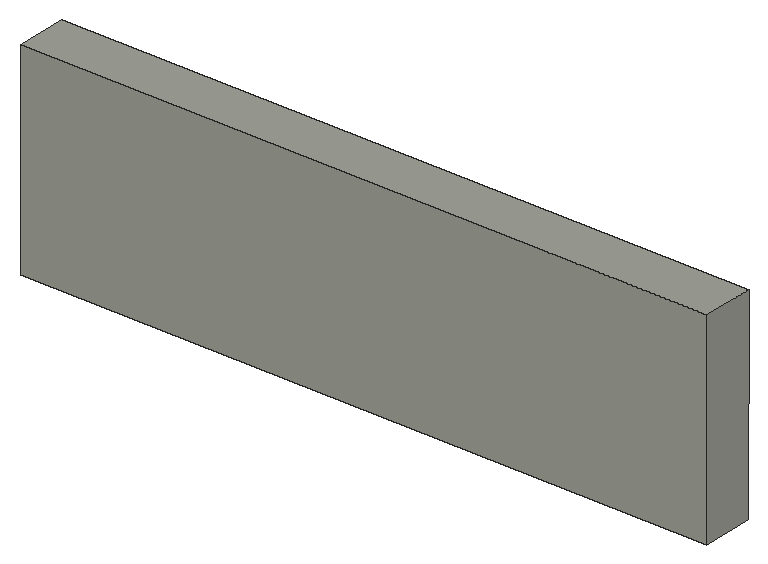
Revit family "Cinta_Concreto", category Structural Foundations, Revit 2025
Family settings
  Material for Model Behavior = Concrete
  Cap = No
  OmniClass Number = 23.25.30.11.14.14
  OmniClass Title = Beams
  Always vertical = Yes
  Cut with Voids When Loaded = No
  Shared = No
  Show family pre-cut in plan views = Yes
Parameters (values of type "CIN_015x060_BLC_CON_RET")
  Structural Material [instance] = CT_Concreto
  Material_Cintas = CT_Concreto
  Assembly Code = ""
  Length [instance] = 2000 mm
  b = 150 mm
  h = 600 mm
Types (4, lengths in mm): name | b | h
  CIN_020x060_BLC_CON_RET | 200 | 600
  CIN_015x060_BLC_CON_RET | 150 | 600
  CIN_020x075_BLC_CON_RET | 200 | 750
  CIN_020x100_BLC_CON_RET | 200 | 1000
Reference planes
  plane 1 "Center (Front/Back)": y = 0
  plane 2: z = 0
  plane 3 "Center (Left/Right)": x = 26.61
  plane 4: y = 75
  plane 5: y = -75
  plane 6: z = 300
  plane 7 "Bottom": z = -300
  plane 8 "Left": x = -973.39
  plane 9 "Right": x = 1026.61
Forms (mm)
  Extrusion 1, solid, material "CT_Concreto" <- "Material_Cintas"
    sketch origin (614.21, -100, 290) x (-1, 0, 0) y (0, 0, -1)
      loop
        line (-412.4, -10) -> (1587.6, -10) -> (1587.6, 590) -> (-412.4, 590) -> (-412.4, -10)
    from -175 to -25
Dimensions and locks
  "b": plane 4 to plane 5
  equal spacing: plane 7 "Bottom", plane 2, plane 6
  equal spacing: plane 4, plane 1 "Center (Front/Back)", plane 5
  "h": plane 7 "Bottom" to plane 6
  "Length": plane 8 "Left" to plane 9 "Right"
  plane 4 to plane 5 = 150 mm
  equal spacing: plane 8 "Left", plane 3 "Center (Left/Right)", plane 9 "Right"
  plane 1 "Center (Front/Back)" to Extrusion 1 = 75 mm
  aligned and locked: plane 8 "Left" to Extrusion 1
  aligned and locked: Extrusion 1 to plane 9 "Right"
  aligned and locked: plane 7 "Bottom" to Extrusion 1
  aligned and locked: plane 4 to Extrusion 1
  aligned and locked: Extrusion 1 to plane 5
Automatic sketch dimensions
  plane 7 "Bottom" to Extrusion 1 sketch curve = 0 mm
  plane 6 to Extrusion 1 sketch curve = 0 mm
  plane 9 "Right" to Extrusion 1 sketch curve = 0 mm
  Extrusion 1 sketch curve to plane 8 "Left" = 0 mm
